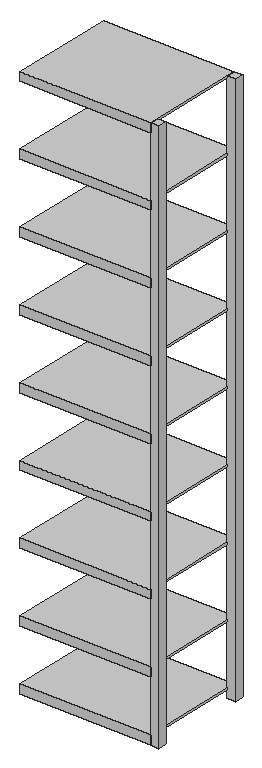
Revit family "PR2", category Specialty Equipment, Revit 2012
Parameters (values of type "Pallet Rack Starter (Default)")
  URL = "http://www.madixinc.com/store/palletrack/core.html"
  Model = "Pallet Rack"
  Manufacturer = "© 2012 Madix, Inc. All rights reserved."
  Base Shelf [instance] = yes
  Shelf Depth = 3' - 0"
  Length = 4' - 0"
  Height = 16' - 0"
  2' Shelf [instance] = yes
  4' Shelf [instance] = yes
  6' Shelf [instance] = yes
  8' Shelf [instance] = yes
  10' Shelf [instance] = yes
  12' Shelf [instance] = yes
  14' Shelf [instance] = yes
  16' Shelf [instance] = yes
Reference planes (in)
  plane 1 "Center (Front/Back)": y = 0
  plane 2: z = 0
  plane 3 "Center (Left/Right)": x = 0
  plane 4: x = -22.5
  plane 5: x = 22.5
  plane 6: y = 18
  plane 7: y = -18
  plane 8: x = -25.5
  plane 9: x = 25.5
  plane 10: z = 192
  plane 11: x = -24
  plane 12: x = 24
Forms (in)
  Extrusion 1, solid, material "Metal - Steel", visible <- "Base Shelf"
    sketch origin (-18, -16.25, 0) x (0, -1, 0) y (0, 0, -1)
      loop
        line (-34.25, 0) -> (-34.25, -3) -> (1.75, -3) -> (1.75, 0) -> (1.625, 0) -> (1.625, -2.375) -> (-34.125, -2.375) -> (-34.125, 0) -> (-34.25, 0)
    from -4.5 to 40.5
  Extrusion 2, solid, material "Metal - Steel", visible <- "2' Shelf"
    sketch origin (-19.5, -17, 33) x (0, -1, 0) y (0, 0, -1)
      loop
        line (-35, 12) -> (-35, 9) -> (1, 9) -> (1, 12) -> (0.875, 12) -> (0.875, 9.625) -> (-34.875, 9.625) -> (-34.875, 12) -> (-35, 12)
    from -3 to 42
  Extrusion 3, solid, material "Metal - Steel", visible <- "4' Shelf"
    sketch origin (-18, -16.25, 57) x (0, -1, 0) y (0, 0, -1)
      loop
        line (-34.25, 12) -> (-34.25, 9) -> (1.75, 9) -> (1.75, 12) -> (1.625, 12) -> (1.625, 9.625) -> (-34.125, 9.625) -> (-34.125, 12) -> (-34.25, 12)
    from -4.5 to 40.5
  Extrusion 4, solid, material "Metal - Steel", visible <- "6' Shelf"
    sketch origin (-18, -16.25, 81) x (0, -1, 0) y (0, 0, -1)
      loop
        line (-34.25, 12) -> (-34.25, 9) -> (1.75, 9) -> (1.75, 12) -> (1.625, 12) -> (1.625, 9.625) -> (-34.125, 9.625) -> (-34.125, 12) -> (-34.25, 12)
    from -4.5 to 40.5
  Extrusion 5, solid, material "Metal - Steel", visible <- "8' Shelf"
    sketch origin (-18, -16.25, 105) x (0, -1, 0) y (0, 0, -1)
      loop
        line (-34.25, 12) -> (-34.25, 9) -> (1.75, 9) -> (1.75, 12) -> (1.625, 12) -> (1.625, 9.625) -> (-34.125, 9.625) -> (-34.125, 12) -> (-34.25, 12)
    from -4.5 to 40.5
  Extrusion 6, solid, material "Metal - Steel", visible <- "10' Shelf"
    sketch origin (-18, -16.25, 129) x (0, -1, 0) y (0, 0, -1)
      loop
        line (-34.25, 12) -> (-34.25, 9) -> (1.75, 9) -> (1.75, 12) -> (1.625, 12) -> (1.625, 9.625) -> (-34.125, 9.625) -> (-34.125, 12) -> (-34.25, 12)
    from -4.5 to 40.5
  Extrusion 7, solid, material "Metal - Steel"
    sketch origin (0, -0.125, 0) x (1, 0, 0) y (0, 1, 0)
      loop
        line (22.5, -17.875) -> (25.5, -17.875) -> (25.5, -14.875) -> (22.5, -14.875) -> (22.5, -17.875)
      loop
        line (22.5, 18.125) -> (22.5, 15.125) -> (25.5, 15.125) -> (25.5, 18.125) -> (22.5, 18.125)
    from 0 to 192
  Extrusion 8, solid, material "Metal - Steel", visible <- "12' Shelf"
    sketch origin (-18, -16.25, 153) x (0, -1, 0) y (0, 0, -1)
      loop
        line (-34.25, 12) -> (-34.25, 9) -> (1.75, 9) -> (1.75, 12) -> (1.625, 12) -> (1.625, 9.625) -> (-34.125, 9.625) -> (-34.125, 12) -> (-34.25, 12)
    from -4.5 to 40.5
  Extrusion 9, solid, material "Metal - Steel", visible <- "14' Shelf"
    sketch origin (-18, -16.25, 177) x (0, -1, 0) y (0, 0, -1)
      loop
        line (-34.25, 12) -> (-34.25, 9) -> (1.75, 9) -> (1.75, 12) -> (1.625, 12) -> (1.625, 9.625) -> (-34.125, 9.625) -> (-34.125, 12) -> (-34.25, 12)
    from -4.5 to 40.5
  Extrusion 10, solid, material "Metal - Steel", visible <- "16' Shelf"
    sketch origin (-18, -16.25, 201) x (0, -1, 0) y (0, 0, -1)
      loop
        line (-34.25, 12) -> (-34.25, 9) -> (1.75, 9) -> (1.75, 12) -> (1.625, 12) -> (1.625, 9.625) -> (-34.125, 9.625) -> (-34.125, 12) -> (-34.25, 12)
    from -4.5 to 40.5
Dimensions and locks (in)
  "Length": plane 11 to plane 12
  equal spacing: plane 7, plane 1 "Center (Front/Back)", plane 6
  "Shelf Depth": plane 7 to plane 6
  "Height": plane 10 to level
  locked: plane 8 to plane 11 at 1.5
  locked: plane 12 to plane 9 at 1.5
  equal spacing: plane 11, plane 3 "Center (Left/Right)", plane 12
  locked: plane 5 to plane 12 at 1.5
  locked: plane 11 to plane 4 at 1.5
  aligned and locked: level to plane 2
  aligned and locked: Extrusion 1 to plane 4
  aligned and locked: Extrusion 1 to plane 5
  aligned and locked: plane 6 to Extrusion 1
  aligned and locked: plane 7 to Extrusion 1
  aligned and locked: Extrusion 1 to level
  aligned and locked: Extrusion 1 to Extrusion 5
  aligned and locked: Extrusion 5 to plane 6
  aligned and locked: plane 7 to Extrusion 6
  aligned and locked: Extrusion 6 to plane 6
  aligned and locked: plane 9 to Extrusion 7  (x2)
  aligned and locked: plane 10 to Extrusion 7
  aligned and locked: Extrusion 4 to plane 5
  aligned and locked: Extrusion 3 to plane 5
  aligned and locked: Extrusion 2 to plane 5
  aligned and locked: Extrusion 4 to plane 4
  aligned and locked: Extrusion 3 to plane 4
  aligned and locked: Extrusion 2 to plane 4
  aligned and locked: Extrusion 2 to Extrusion 1  (x4)
  aligned and locked: Extrusion 5 to plane 5
  aligned and locked: Extrusion 5 to plane 4
  aligned and locked: Extrusion 6 to plane 5
  aligned and locked: Extrusion 6 to plane 4
  aligned and locked: Extrusion 8 to plane 5
  aligned and locked: Extrusion 8 to plane 4
  aligned and locked: Extrusion 9 to plane 5
  aligned and locked: Extrusion 9 to plane 4
  aligned and locked: plane 5 to Extrusion 10
  aligned and locked: Extrusion 10 to plane 4
  aligned and locked: plane 5 to Extrusion 7  (x2)
Automatic sketch dimensions
  Extrusion 1 sketch curve to level = 0' - 0"  (x2)
  Extrusion 1 sketch curve to plane 6 = 0' - 0"
  Extrusion 1 sketch curve to plane 7 = 0' - 0"
  plane 6 to Extrusion 1 sketch curve = 0' - 0 1/8"
  Extrusion 1 sketch curve to plane 7 = 0' - 0 1/8"
  Extrusion 1 sketch curve to Extrusion 1 sketch curve = 0' - 2 3/8"
  Extrusion 1 sketch curve to Extrusion 1 sketch curve = 0' - 0 5/8"
  plane 6 to Extrusion 2 sketch curve = 0' - 0"
  plane 7 to Extrusion 2 sketch curve = 0' - 0"
  plane 6 to Extrusion 2 sketch curve = 0' - 0 1/8"
  Extrusion 2 sketch curve to plane 7 = 0' - 0 1/8"
  level to Extrusion 2 sketch curve = 2' - 0"
  Extrusion 2 sketch curve to Extrusion 2 sketch curve = 0' - 0 5/8"
  Extrusion 2 sketch curve to Extrusion 2 sketch curve = 0' - 2 3/8"  (x2)
  Extrusion 3 sketch curve to plane 6 = 0' - 0"
  Extrusion 3 sketch curve to plane 7 = 0' - 0"
  plane 6 to Extrusion 3 sketch curve = 0' - 0 1/8"
  Extrusion 3 sketch curve to plane 7 = 0' - 0 1/8"
  level to Extrusion 3 sketch curve = 4' - 0"
  Extrusion 3 sketch curve to Extrusion 3 sketch curve = 0' - 0 5/8"
  Extrusion 3 sketch curve to Extrusion 3 sketch curve = 0' - 2 3/8"  (x2)
  Extrusion 4 sketch curve to plane 6 = 0' - 0"
  Extrusion 4 sketch curve to plane 7 = 0' - 0"
  plane 6 to Extrusion 4 sketch curve = 0' - 0 1/8"
  Extrusion 4 sketch curve to plane 7 = 0' - 0 1/8"
  level to Extrusion 4 sketch curve = 6' - 0"
  Extrusion 4 sketch curve to Extrusion 4 sketch curve = 0' - 0 5/8"
  Extrusion 4 sketch curve to Extrusion 4 sketch curve = 0' - 2 3/8"  (x2)
  Extrusion 5 sketch curve to plane 6 = 0' - 0"
  Extrusion 5 sketch curve to plane 7 = 0' - 0"
  plane 6 to Extrusion 5 sketch curve = 0' - 0 1/8"
  Extrusion 5 sketch curve to plane 7 = 0' - 0 1/8"
  level to Extrusion 5 sketch curve = 8' - 0"
  Extrusion 5 sketch curve to Extrusion 5 sketch curve = 0' - 0 5/8"
  Extrusion 5 sketch curve to Extrusion 5 sketch curve = 0' - 2 3/8"  (x2)
  Extrusion 6 sketch curve to plane 6 = 0' - 0"
  Extrusion 6 sketch curve to plane 7 = 0' - 0"
  plane 6 to Extrusion 6 sketch curve = 0' - 0 1/8"
  Extrusion 6 sketch curve to plane 7 = 0' - 0 1/8"
  Extrusion 6 sketch curve to Extrusion 6 sketch curve = 0' - 0 5/8"
  Extrusion 6 sketch curve to Extrusion 6 sketch curve = 0' - 2 3/8"  (x2)
  Extrusion 7 sketch curve to plane 5 = 0' - 0"  (x2)
  Extrusion 7 sketch curve to plane 9 = 0' - 0"  (x2)
  Extrusion 7 sketch curve to plane 7 = 0' - 0"
  Extrusion 7 sketch curve to Extrusion 7 sketch curve = 0' - 3"
  plane 6 to Extrusion 7 sketch curve = 0' - 3"
  plane 6 to Extrusion 7 sketch curve = 0' - 0"
  Extrusion 8 sketch curve to plane 6 = 0' - 0"
  Extrusion 8 sketch curve to plane 7 = 0' - 0"
  plane 6 to Extrusion 8 sketch curve = 0' - 0 1/8"
  Extrusion 8 sketch curve to plane 7 = 0' - 0 1/8"
  Extrusion 8 sketch curve to Extrusion 8 sketch curve = 0' - 0 5/8"
  Extrusion 8 sketch curve to Extrusion 8 sketch curve = 0' - 2 3/8"  (x2)
  Extrusion 9 sketch curve to plane 6 = 0' - 0"
  Extrusion 9 sketch curve to plane 7 = 0' - 0"
  plane 6 to Extrusion 9 sketch curve = 0' - 0 1/8"
  Extrusion 9 sketch curve to plane 7 = 0' - 0 1/8"
  Extrusion 9 sketch curve to Extrusion 9 sketch curve = 0' - 0 5/8"
  Extrusion 9 sketch curve to Extrusion 9 sketch curve = 0' - 2 3/8"  (x2)
  Extrusion 10 sketch curve to plane 6 = 0' - 0"
  Extrusion 10 sketch curve to plane 7 = 0' - 0"
  plane 6 to Extrusion 10 sketch curve = 0' - 0 1/8"
  Extrusion 10 sketch curve to plane 7 = 0' - 0 1/8"
  Extrusion 10 sketch curve to Extrusion 10 sketch curve = 0' - 2 3/8"  (x2)
  level to Extrusion 6 sketch curve = 10' - 0"
  level to Extrusion 8 sketch curve = 12' - 0"
  level to Extrusion 9 sketch curve = 14' - 0"
  level to Extrusion 10 sketch curve = 16' - 0"
  Extrusion 10 sketch curve to Extrusion 10 sketch curve = 0' - 0 5/8"
